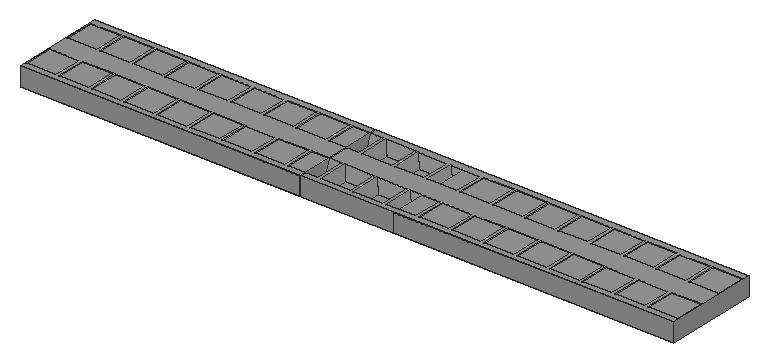
Revit family "2023779", category Lighting Fixtures, host Face, Revit 2018
Family settings
  Host = Face
  Round Connector Dimension = Use Diameter
  Part Type = Normal
  OmniClass Number = 23.80.70.00
  OmniClass Title = Lighting
  Cut with Voids When Loaded = No
  Light Source = Yes
  Shared = No
  Room Calculation Point = No
Parameters (values of type "2023779 OPTIX S 1500 2L D/I HO 4K WHT EM")
  Weight = "n/a"
  Wattage Comments = ""
  Wattage = 9.2903 W
  WarrantyStartDate [instance] = "n/a"
  WarrantyGuarantorParts = "n/a"
  WarrantyDurationUnit = "n/a"
  WarrantyDurationParts = ""
  WarrantyDescription = "http://www.sylvania-lighting.com"
  built-in parameter 1150110 = 1 (stored number, unit not read)
  Voltage = 0 V
  URL = "0.95"
  TypeName = "OPTIX SURFACE 1500 2L D/I HO 4000K WHT EM"
  Type Image = <None>
  Type Comments = "n/a"
  built-in parameter 1114217 = 1 (stored number, unit not read)
  Tilt Angle = -90.00°
  built-in parameter 1150109 = 1 (stored number, unit not read)
  built-in parameter 1150134 = 3
  built-in parameter 1150113 = 1 (stored number, unit not read)
  SerialNumber [instance] = "n/a"
  Photometric Web File = "2023779.ies"
  Material_3_SYL = none
  PowerFactor = 0
  PowerConsumption = "Lighting"
  NominalLength = 200 mm
  NominalHeight = 45 mm
  NominalDepth = 200 mm
  Name = "OPTIX SURFACE 1500 2L D/I HO 4000K WHT EM"
  ModelReference = Name  # "OPTIX SURFACE 1500 2L D/I HO 4000K WHT EM"
  ModelNumber = "2023779"
  Model = Name  # "OPTIX SURFACE 1500 2L D/I HO 4000K WHT EM"
  Material = "Feilo Sylvania"
  ManufacturerName = "159 lm/W"
  Manufacturer = ""
  LuminousEfficacy = ""
  built-in parameter 1150105 = 109.82 (stored number, unit not read)
  Lumens = 1380 lm
  LuminaireType = "0"
  built-in parameter 1150115 = 1 (stored number, unit not read)
  LightOutputRatio = "LED"
  built-in parameter 1150137 = (empty or 0)
  built-in parameter 1150139 = (empty or 0)
  LampsType = Lamp  # "n/a"
  LampNominalLuminous = "4000 K"
  LampMacAdamStep = "80"
  LampColourTemperature = "LED"
  LampColourRenderingIndex = "16500"
  built-in parameter 1150112 = 1 (stored number, unit not read)
  built-in parameter 1150114 = 1 (stored number, unit not read)
  Lamp = "n/a"
  Keynote = "n/a"
  InstallationDate [instance] = "n/a"
  InputVoltage = "0"
  InputNominalFrequency = "4000"
  built-in parameter 1150132 = (empty or 0)
  built-in parameter 1150102 = (empty or 0)
  built-in parameter 1150107 = 3200 (stored number, unit not read)
  built-in parameter 1150138 = (empty or 0)
  IngressProtection = "IfcLightFixtureType"
  ImpactProtectionIndex = "IfcLightFixtureType"
  built-in parameter 1150106 = 1.0982 (stored number, unit not read)
  IfcExportType = "IfcLightFixtureType"
  IfcExportAs = "Class I"
  Emit from Circle Diameter = 609.6 mm
  Emit Shape Visible in Rendering = no
  ElectricShockClassification = "159"
  built-in parameter 1150104 = 13.8 (stored number, unit not read)
  DocumentationLiterature = "http://www.sylvania-lighting.com/product/en-int/products/2023779"
  DimmingControlOptions = "n/a"
  Material_2_SYL = none
  Dimming Lamp Color Temperature Shift = <None>
  Description = "OPTIX SURFACE 1500x200 2 LINE D/I HO 4000K WHT EM is a high efficacy low glare luminaire for office and education applications. Direct / Indirect lighting with 80% downlight and 20% uplight ratio for ceiling suspended mounting. Size: 1410x200x45mm. White plastic low glare optics in 2 lines configuration. White RAL9016 fixture body. Constant current driver. 3hr maintained emergency version. 4000K Neutral White LED, CRI>80, chromaticity tolerance of 3-step MacAdam ellipse. Luminous flux 7000lm. Power consumption 47W. Luminaire efficacy 149lm/W. Lifespan: 60,000 hours L90B10. UGR<19, Luminance at 65°<3000 Cd/m2, IK07, IP20. Photobiological safety risk group 1. Electrical protection Class I. Glow wire test 850°C."
  Default Elevation = 1219.2 mm
  CreatedOn = "22/09/2022"
  CreatedBy = "@sylvania-lighting.com"
  Cost = 0
  Color Filter = 16777215
  built-in parameter 1114216 [instance] = (empty or 0)
  ClassificationValue = "EF_70_80"
  ClassificationName = "Uniclass2015"
  Material_1_SYL = none
  BarCode [instance] = "n/a"
  built-in parameter 1114218 = 1 (stored number, unit not read)
  built-in parameter 1150133 = 10 (stored number, unit not read)
  AssetType = "Fixed"
  AssetIdentifier [instance] = "n/a"
  Assembly Code = "D5020200"
  Apparent Load = 44 VA
  Material_4_SYL = none
Reference planes
  plane 1 "Center (Front/Back)": y = 0
  plane 2: z = 0
  plane 3 "Center (Left/Right)": x = 0
  plane 4: x = -100
  plane 5: x = 100
  plane 6: y = 100
  plane 7: y = -100
  plane 8: z = 45
  plane 9: x = -698.5
  plane 10: x = 698.5
  plane 11: x = -633
  plane 12: y = 23
  plane 13: y = -23
  plane 14: x = -563
  plane 15: x = -557
  plane 16: x = -493
  plane 17: x = -487
  plane 18: x = -423
  plane 19: x = -417
  plane 20: x = -353
  plane 21: x = -347
  plane 22: x = -283
  plane 23: x = -277
  plane 24: x = -213
  plane 25: x = -206.997
  plane 26: x = -142.997
  plane 27: x = -136.997
  plane 28: x = -72.997
  plane 29: x = -66.997
  plane 30: x = -2.997
  plane 31: x = 3.003
  plane 32: x = 67.003
  plane 33: x = 73.003
  plane 34: x = 137.003
  plane 35: x = 143.003
  plane 36: x = 207.003
  plane 37: x = 213.003
  plane 38: x = 277.003
  plane 39: x = 283.003
  plane 40: x = 347.003
  plane 41: x = 353.003
  plane 42: x = 417.003
  plane 43: x = 423.003
  plane 44: x = 487.003
  plane 45: x = 493.003
  plane 46: x = 557.003
  plane 47: x = 563.003
  plane 48: x = 627.003
  plane 49: x = 633.003
  plane 50: x = -627
  plane 51: x = 697.011
  plane 52: x = -697
  plane 53: y = -87
  plane 54: y = -55
  plane 55: y = -33.5
  plane 56: y = -76.5
  plane 57: x = -665
  plane 58: x = -643.5
  plane 59: x = -686.5
  plane 60: x = -595
  plane 61: y = -5
  plane 62: z = 52.5
Forms (mm)
  Extrusion 1, solid, material "Aluminum", detail levels medium+fine
    sketch origin (0, 0, 0) x (1, 0, 0) y (0, 1, 0)
      loop
        line (-512.5, 10) -> (-512.5, -10) -> (-487.5, -10) -> (-487.5, 10) -> (-512.5, 10)
    from 0 to 6
  Extrusion 2, solid, material "Aluminum", detail levels medium+fine
    sketch origin (0, 0, 0) x (1, 0, 0) y (0, 1, 0)
      loop
        line (486, 10) -> (486, -10) -> (511, -10) -> (511, 10) -> (486, 10)
    from 0 to 6
  Extrusion 3, solid, material "Aluminum", detail levels medium+fine
    sketch origin (0, 0, 0) x (1, 0, 0) y (0, 1, 0)
      loop
        line (-698.5, 100) -> (-698.5, -100) -> (698.5, -100) -> (698.5, 100) -> (-698.5, 100)
    from 6 to 45
  Extrusion 4, solid, material "Aluminum", detail levels medium+fine
    sketch origin (0, 0, 0) x (1, 0, 0) y (0, 1, 0)
      loop
        line (-100, 100) -> (-698.5, 100) -> (-698.5, -100) -> (-100, -100) -> (-100, 100)
    from 6 to 45
  Extrusion 5, solid, material "Aluminum", detail levels medium+fine
    sketch origin (0, 0, 0) x (1, 0, 0) y (0, 1, 0)
      loop
        line (698.5, 100) -> (100, 100) -> (100, -100) -> (698.5, -100) -> (698.5, 100)
    from 6 to 45
  Blend 6, void
    base sketch origin (0, 0, 0) x (1, 0, 0) y (0, 1, 0)
      loop
        line (-697, -23) -> (-697, -87) -> (-633, -87) -> (-633, -23) -> (-697, -23)
    top sketch origin (0, 0, 0) x (1, 0, 0) y (0, 1, 0)
      loop
        line (-686.5, -33.5) -> (-686.5, -76.5) -> (-643.5, -76.5) -> (-643.5, -33.5) -> (-686.5, -33.5)
    from 45 to 18.5
  Extrusion 7, solid, material "Glass, White, High Luminance", detail levels fine
    sketch origin (0, 0, 0) x (1, 0, 0) y (0, 1, 0)
      loop
        line (-686.5, -33.5) -> (-686.5, -76.5) -> (-643.5, -76.5) -> (-643.5, -33.5) -> (-686.5, -33.5)
    from 18.5 to 20
  Blend 8, void
    base sketch origin (70, 0, 0) x (1, 0, 0) y (0, 1, 0)
      loop
        line (-697, -23) -> (-697, -87) -> (-633, -87) -> (-633, -23) -> (-697, -23)
    top sketch origin (70, 0, 0) x (1, 0, 0) y (0, 1, 0)
      loop
        line (-686.5, -33.5) -> (-686.5, -76.5) -> (-643.5, -76.5) -> (-643.5, -33.5) -> (-686.5, -33.5)
    from 45 to 18.5
  Blend 9, void
    base sketch origin (140, 0, 0) x (1, 0, 0) y (0, 1, 0)
      loop
        line (-697, -23) -> (-697, -87) -> (-633, -87) -> (-633, -23) -> (-697, -23)
    top sketch origin (140, 0, 0) x (1, 0, 0) y (0, 1, 0)
      loop
        line (-686.5, -33.5) -> (-686.5, -76.5) -> (-643.5, -76.5) -> (-643.5, -33.5) -> (-686.5, -33.5)
    from 45 to 18.5
  Blend 10, void
    base sketch origin (210, 0, 0) x (1, 0, 0) y (0, 1, 0)
      loop
        line (-697, -23) -> (-697, -87) -> (-633, -87) -> (-633, -23) -> (-697, -23)
    top sketch origin (210, 0, 0) x (1, 0, 0) y (0, 1, 0)
      loop
        line (-686.5, -33.5) -> (-686.5, -76.5) -> (-643.5, -76.5) -> (-643.5, -33.5) -> (-686.5, -33.5)
    from 45 to 18.5
  Blend 11, void
    base sketch origin (280, 0, 0) x (1, 0, 0) y (0, 1, 0)
      loop
        line (-697, -23) -> (-697, -87) -> (-633, -87) -> (-633, -23) -> (-697, -23)
    top sketch origin (280, 0, 0) x (1, 0, 0) y (0, 1, 0)
      loop
        line (-686.5, -33.5) -> (-686.5, -76.5) -> (-643.5, -76.5) -> (-643.5, -33.5) -> (-686.5, -33.5)
    from 45 to 18.5
  Blend 12, void
    base sketch origin (350, 0, 0) x (1, 0, 0) y (0, 1, 0)
      loop
        line (-697, -23) -> (-697, -87) -> (-633, -87) -> (-633, -23) -> (-697, -23)
    top sketch origin (350, 0, 0) x (1, 0, 0) y (0, 1, 0)
      loop
        line (-686.5, -33.5) -> (-686.5, -76.5) -> (-643.5, -76.5) -> (-643.5, -33.5) -> (-686.5, -33.5)
    from 45 to 18.5
  Blend 13, void
    base sketch origin (420, 0, 0) x (1, 0, 0) y (0, 1, 0)
      loop
        line (-697, -23) -> (-697, -87) -> (-633, -87) -> (-633, -23) -> (-697, -23)
    top sketch origin (420, 0, 0) x (1, 0, 0) y (0, 1, 0)
      loop
        line (-686.5, -33.5) -> (-686.5, -76.5) -> (-643.5, -76.5) -> (-643.5, -33.5) -> (-686.5, -33.5)
    from 45 to 18.5
  Blend 14, void
    base sketch origin (490.003, 0, 0) x (1, 0, 0) y (0, 1, 0)
      loop
        line (-697, -23) -> (-697, -87) -> (-633, -87) -> (-633, -23) -> (-697, -23)
    top sketch origin (490.003, 0, 0) x (1, 0, 0) y (0, 1, 0)
      loop
        line (-686.5, -33.5) -> (-686.5, -76.5) -> (-643.5, -76.5) -> (-643.5, -33.5) -> (-686.5, -33.5)
    from 45 to 18.5
  Blend 15, void
    base sketch origin (560.003, 0, 0) x (1, 0, 0) y (0, 1, 0)
      loop
        line (-697, -23) -> (-697, -87) -> (-633, -87) -> (-633, -23) -> (-697, -23)
    top sketch origin (560.003, 0, 0) x (1, 0, 0) y (0, 1, 0)
      loop
        line (-686.5, -33.5) -> (-686.5, -76.5) -> (-643.5, -76.5) -> (-643.5, -33.5) -> (-686.5, -33.5)
    from 45 to 18.5
  Blend 16, void
    base sketch origin (630.003, 0, 0) x (1, 0, 0) y (0, 1, 0)
      loop
        line (-697, -23) -> (-697, -87) -> (-633, -87) -> (-633, -23) -> (-697, -23)
    top sketch origin (630.003, 0, 0) x (1, 0, 0) y (0, 1, 0)
      loop
        line (-686.5, -33.5) -> (-686.5, -76.5) -> (-643.5, -76.5) -> (-643.5, -33.5) -> (-686.5, -33.5)
    from 45 to 18.5
  Blend 17, void
    base sketch origin (700.003, 0, 0) x (1, 0, 0) y (0, 1, 0)
      loop
        line (-697, -23) -> (-697, -87) -> (-633, -87) -> (-633, -23) -> (-697, -23)
    top sketch origin (700.003, 0, 0) x (1, 0, 0) y (0, 1, 0)
      loop
        line (-686.5, -33.5) -> (-686.5, -76.5) -> (-643.5, -76.5) -> (-643.5, -33.5) -> (-686.5, -33.5)
    from 45 to 18.5
  Blend 18, void
    base sketch origin (770.003, 0, 0) x (1, 0, 0) y (0, 1, 0)
      loop
        line (-697, -23) -> (-697, -87) -> (-633, -87) -> (-633, -23) -> (-697, -23)
    top sketch origin (770.003, 0, 0) x (1, 0, 0) y (0, 1, 0)
      loop
        line (-686.5, -33.5) -> (-686.5, -76.5) -> (-643.5, -76.5) -> (-643.5, -33.5) -> (-686.5, -33.5)
    from 45 to 18.5
  Blend 19, void
    base sketch origin (840.003, 0, 0) x (1, 0, 0) y (0, 1, 0)
      loop
        line (-697, -23) -> (-697, -87) -> (-633, -87) -> (-633, -23) -> (-697, -23)
    top sketch origin (840.003, 0, 0) x (1, 0, 0) y (0, 1, 0)
      loop
        line (-686.5, -33.5) -> (-686.5, -76.5) -> (-643.5, -76.5) -> (-643.5, -33.5) -> (-686.5, -33.5)
    from 45 to 18.5
  Blend 20, void
    base sketch origin (910.003, 0, 0) x (1, 0, 0) y (0, 1, 0)
      loop
        line (-697, -23) -> (-697, -87) -> (-633, -87) -> (-633, -23) -> (-697, -23)
    top sketch origin (910.003, 0, 0) x (1, 0, 0) y (0, 1, 0)
      loop
        line (-686.5, -33.5) -> (-686.5, -76.5) -> (-643.5, -76.5) -> (-643.5, -33.5) -> (-686.5, -33.5)
    from 45 to 18.5
  Blend 21, void
    base sketch origin (980.003, 0, 0) x (1, 0, 0) y (0, 1, 0)
      loop
        line (-697, -23) -> (-697, -87) -> (-633, -87) -> (-633, -23) -> (-697, -23)
    top sketch origin (980.003, 0, 0) x (1, 0, 0) y (0, 1, 0)
      loop
        line (-686.5, -33.5) -> (-686.5, -76.5) -> (-643.5, -76.5) -> (-643.5, -33.5) -> (-686.5, -33.5)
    from 45 to 18.5
  Blend 22, void
    base sketch origin (1050.003, 0, 0) x (1, 0, 0) y (0, 1, 0)
      loop
        line (-697, -23) -> (-697, -87) -> (-633, -87) -> (-633, -23) -> (-697, -23)
    top sketch origin (1050.003, 0, 0) x (1, 0, 0) y (0, 1, 0)
      loop
        line (-686.5, -33.5) -> (-686.5, -76.5) -> (-643.5, -76.5) -> (-643.5, -33.5) -> (-686.5, -33.5)
    from 45 to 18.5
  Blend 23, void
    base sketch origin (1120.003, 0, 0) x (1, 0, 0) y (0, 1, 0)
      loop
        line (-697, -23) -> (-697, -87) -> (-633, -87) -> (-633, -23) -> (-697, -23)
    top sketch origin (1120.003, 0, 0) x (1, 0, 0) y (0, 1, 0)
      loop
        line (-686.5, -33.5) -> (-686.5, -76.5) -> (-643.5, -76.5) -> (-643.5, -33.5) -> (-686.5, -33.5)
    from 45 to 18.5
  Blend 24, void
    base sketch origin (1190.003, 0, 0) x (1, 0, 0) y (0, 1, 0)
      loop
        line (-697, -23) -> (-697, -87) -> (-633, -87) -> (-633, -23) -> (-697, -23)
    top sketch origin (1190.003, 0, 0) x (1, 0, 0) y (0, 1, 0)
      loop
        line (-686.5, -33.5) -> (-686.5, -76.5) -> (-643.5, -76.5) -> (-643.5, -33.5) -> (-686.5, -33.5)
    from 45 to 18.5
  Blend 25, void
    base sketch origin (1260.003, 0, 0) x (1, 0, 0) y (0, 1, 0)
      loop
        line (-697, -23) -> (-697, -87) -> (-633, -87) -> (-633, -23) -> (-697, -23)
    top sketch origin (1260.003, 0, 0) x (1, 0, 0) y (0, 1, 0)
      loop
        line (-686.5, -33.5) -> (-686.5, -76.5) -> (-643.5, -76.5) -> (-643.5, -33.5) -> (-686.5, -33.5)
    from 45 to 18.5
  Blend 26, void
    base sketch origin (1330.003, 0, 0) x (1, 0, 0) y (0, 1, 0)
      loop
        line (-697, -23) -> (-697, -87) -> (-633, -87) -> (-633, -23) -> (-697, -23)
    top sketch origin (1330.003, 0, 0) x (1, 0, 0) y (0, 1, 0)
      loop
        line (-686.5, -33.5) -> (-686.5, -76.5) -> (-643.5, -76.5) -> (-643.5, -33.5) -> (-686.5, -33.5)
    from 45 to 18.5
  Extrusion 27, solid, material "Glass, White, High Luminance", detail levels fine
    sketch origin (70, 0, 0) x (1, 0, 0) y (0, 1, 0)
      loop
        line (-686.5, -33.5) -> (-686.5, -76.5) -> (-643.5, -76.5) -> (-643.5, -33.5) -> (-686.5, -33.5)
    from 18.5 to 20
  Extrusion 28, solid, material "Glass, White, High Luminance", detail levels fine
    sketch origin (140, 0, 0) x (1, 0, 0) y (0, 1, 0)
      loop
        line (-686.5, -33.5) -> (-686.5, -76.5) -> (-643.5, -76.5) -> (-643.5, -33.5) -> (-686.5, -33.5)
    from 18.5 to 20
  Extrusion 29, solid, material "Glass, White, High Luminance", detail levels fine
    sketch origin (210, 0, 0) x (1, 0, 0) y (0, 1, 0)
      loop
        line (-686.5, -33.5) -> (-686.5, -76.5) -> (-643.5, -76.5) -> (-643.5, -33.5) -> (-686.5, -33.5)
    from 18.5 to 20
  Extrusion 30, solid, material "Glass, White, High Luminance", detail levels fine
    sketch origin (280, 0, 0) x (1, 0, 0) y (0, 1, 0)
      loop
        line (-686.5, -33.5) -> (-686.5, -76.5) -> (-643.5, -76.5) -> (-643.5, -33.5) -> (-686.5, -33.5)
    from 18.5 to 20
  Extrusion 31, solid, material "Glass, White, High Luminance", detail levels fine
    sketch origin (350, 0, 0) x (1, 0, 0) y (0, 1, 0)
      loop
        line (-686.5, -33.5) -> (-686.5, -76.5) -> (-643.5, -76.5) -> (-643.5, -33.5) -> (-686.5, -33.5)
    from 18.5 to 20
  Extrusion 32, solid, material "Glass, White, High Luminance", detail levels fine
    sketch origin (420, 0, 0) x (1, 0, 0) y (0, 1, 0)
      loop
        line (-686.5, -33.5) -> (-686.5, -76.5) -> (-643.5, -76.5) -> (-643.5, -33.5) -> (-686.5, -33.5)
    from 18.5 to 20
  Extrusion 33, solid, material "Glass, White, High Luminance", detail levels fine
    sketch origin (490.003, 0, 0) x (1, 0, 0) y (0, 1, 0)
      loop
        line (-686.5, -33.5) -> (-686.5, -76.5) -> (-643.5, -76.5) -> (-643.5, -33.5) -> (-686.5, -33.5)
    from 18.5 to 20
  Extrusion 34, solid, material "Glass, White, High Luminance", detail levels fine
    sketch origin (560.003, 0, 0) x (1, 0, 0) y (0, 1, 0)
      loop
        line (-686.5, -33.5) -> (-686.5, -76.5) -> (-643.5, -76.5) -> (-643.5, -33.5) -> (-686.5, -33.5)
    from 18.5 to 20
  Extrusion 35, solid, material "Glass, White, High Luminance", detail levels fine
    sketch origin (630.003, 0, 0) x (1, 0, 0) y (0, 1, 0)
      loop
        line (-686.5, -33.5) -> (-686.5, -76.5) -> (-643.5, -76.5) -> (-643.5, -33.5) -> (-686.5, -33.5)
    from 18.5 to 20
  Extrusion 36, solid, material "Glass, White, High Luminance", detail levels fine
    sketch origin (700.003, 0, 0) x (1, 0, 0) y (0, 1, 0)
      loop
        line (-686.5, -33.5) -> (-686.5, -76.5) -> (-643.5, -76.5) -> (-643.5, -33.5) -> (-686.5, -33.5)
    from 18.5 to 20
  Extrusion 37, solid, material "Glass, White, High Luminance", detail levels fine
    sketch origin (770.003, 0, 0) x (1, 0, 0) y (0, 1, 0)
      loop
        line (-686.5, -33.5) -> (-686.5, -76.5) -> (-643.5, -76.5) -> (-643.5, -33.5) -> (-686.5, -33.5)
    from 18.5 to 20
  Extrusion 38, solid, material "Glass, White, High Luminance", detail levels fine
    sketch origin (840.003, 0, 0) x (1, 0, 0) y (0, 1, 0)
      loop
        line (-686.5, -33.5) -> (-686.5, -76.5) -> (-643.5, -76.5) -> (-643.5, -33.5) -> (-686.5, -33.5)
    from 18.5 to 20
  Extrusion 39, solid, material "Glass, White, High Luminance", detail levels fine
    sketch origin (910.003, 0, 0) x (1, 0, 0) y (0, 1, 0)
      loop
        line (-686.5, -33.5) -> (-686.5, -76.5) -> (-643.5, -76.5) -> (-643.5, -33.5) -> (-686.5, -33.5)
    from 18.5 to 20
  Extrusion 40, solid, material "Glass, White, High Luminance", detail levels fine
    sketch origin (980.003, 0, 0) x (1, 0, 0) y (0, 1, 0)
      loop
        line (-686.5, -33.5) -> (-686.5, -76.5) -> (-643.5, -76.5) -> (-643.5, -33.5) -> (-686.5, -33.5)
    from 18.5 to 20
  Extrusion 41, solid, material "Glass, White, High Luminance", detail levels fine
    sketch origin (1050.003, 0, 0) x (1, 0, 0) y (0, 1, 0)
      loop
        line (-686.5, -33.5) -> (-686.5, -76.5) -> (-643.5, -76.5) -> (-643.5, -33.5) -> (-686.5, -33.5)
    from 18.5 to 20
  Extrusion 42, solid, material "Glass, White, High Luminance", detail levels fine
    sketch origin (1120.003, 0, 0) x (1, 0, 0) y (0, 1, 0)
      loop
        line (-686.5, -33.5) -> (-686.5, -76.5) -> (-643.5, -76.5) -> (-643.5, -33.5) -> (-686.5, -33.5)
    from 18.5 to 20
  Extrusion 43, solid, material "Glass, White, High Luminance", detail levels fine
    sketch origin (1190.003, 0, 0) x (1, 0, 0) y (0, 1, 0)
      loop
        line (-686.5, -33.5) -> (-686.5, -76.5) -> (-643.5, -76.5) -> (-643.5, -33.5) -> (-686.5, -33.5)
    from 18.5 to 20
  Extrusion 44, solid, material "Glass, White, High Luminance", detail levels fine
    sketch origin (1260.003, 0, 0) x (1, 0, 0) y (0, 1, 0)
      loop
        line (-686.5, -33.5) -> (-686.5, -76.5) -> (-643.5, -76.5) -> (-643.5, -33.5) -> (-686.5, -33.5)
    from 18.5 to 20
  Extrusion 45, solid, material "Glass, White, High Luminance", detail levels fine
    sketch origin (1330.003, 0, 0) x (1, 0, 0) y (0, 1, 0)
      loop
        line (-686.5, -33.5) -> (-686.5, -76.5) -> (-643.5, -76.5) -> (-643.5, -33.5) -> (-686.5, -33.5)
    from 18.5 to 20
  Blend 46, void
    base sketch origin (0, 110, 0) x (1, 0, 0) y (0, 1, 0)
      loop
        line (-697, -23) -> (-697, -87) -> (-633, -87) -> (-633, -23) -> (-697, -23)
    top sketch origin (0, 110, 0) x (1, 0, 0) y (0, 1, 0)
      loop
        line (-686.5, -33.5) -> (-686.5, -76.5) -> (-643.5, -76.5) -> (-643.5, -33.5) -> (-686.5, -33.5)
    from 45 to 18.5
  Blend 47, void
    base sketch origin (70, 110, 0) x (1, 0, 0) y (0, 1, 0)
      loop
        line (-697, -23) -> (-697, -87) -> (-633, -87) -> (-633, -23) -> (-697, -23)
    top sketch origin (70, 110, 0) x (1, 0, 0) y (0, 1, 0)
      loop
        line (-686.5, -33.5) -> (-686.5, -76.5) -> (-643.5, -76.5) -> (-643.5, -33.5) -> (-686.5, -33.5)
    from 45 to 18.5
  Blend 48, void
    base sketch origin (140, 110, 0) x (1, 0, 0) y (0, 1, 0)
      loop
        line (-697, -23) -> (-697, -87) -> (-633, -87) -> (-633, -23) -> (-697, -23)
    top sketch origin (140, 110, 0) x (1, 0, 0) y (0, 1, 0)
      loop
        line (-686.5, -33.5) -> (-686.5, -76.5) -> (-643.5, -76.5) -> (-643.5, -33.5) -> (-686.5, -33.5)
    from 45 to 18.5
  Blend 49, void
    base sketch origin (210, 110, 0) x (1, 0, 0) y (0, 1, 0)
      loop
        line (-697, -23) -> (-697, -87) -> (-633, -87) -> (-633, -23) -> (-697, -23)
    top sketch origin (210, 110, 0) x (1, 0, 0) y (0, 1, 0)
      loop
        line (-686.5, -33.5) -> (-686.5, -76.5) -> (-643.5, -76.5) -> (-643.5, -33.5) -> (-686.5, -33.5)
    from 45 to 18.5
  Blend 50, void
    base sketch origin (280, 110, 0) x (1, 0, 0) y (0, 1, 0)
      loop
        line (-697, -23) -> (-697, -87) -> (-633, -87) -> (-633, -23) -> (-697, -23)
    top sketch origin (280, 110, 0) x (1, 0, 0) y (0, 1, 0)
      loop
        line (-686.5, -33.5) -> (-686.5, -76.5) -> (-643.5, -76.5) -> (-643.5, -33.5) -> (-686.5, -33.5)
    from 45 to 18.5
  Blend 51, void
    base sketch origin (350, 110, 0) x (1, 0, 0) y (0, 1, 0)
      loop
        line (-697, -23) -> (-697, -87) -> (-633, -87) -> (-633, -23) -> (-697, -23)
    top sketch origin (350, 110, 0) x (1, 0, 0) y (0, 1, 0)
      loop
        line (-686.5, -33.5) -> (-686.5, -76.5) -> (-643.5, -76.5) -> (-643.5, -33.5) -> (-686.5, -33.5)
    from 45 to 18.5
  Blend 52, void
    base sketch origin (420, 110, 0) x (1, 0, 0) y (0, 1, 0)
      loop
        line (-697, -23) -> (-697, -87) -> (-633, -87) -> (-633, -23) -> (-697, -23)
    top sketch origin (420, 110, 0) x (1, 0, 0) y (0, 1, 0)
      loop
        line (-686.5, -33.5) -> (-686.5, -76.5) -> (-643.5, -76.5) -> (-643.5, -33.5) -> (-686.5, -33.5)
    from 45 to 18.5
  Blend 53, void
    base sketch origin (490.003, 110, 0) x (1, 0, 0) y (0, 1, 0)
      loop
        line (-697, -23) -> (-697, -87) -> (-633, -87) -> (-633, -23) -> (-697, -23)
    top sketch origin (490.003, 110, 0) x (1, 0, 0) y (0, 1, 0)
      loop
        line (-686.5, -33.5) -> (-686.5, -76.5) -> (-643.5, -76.5) -> (-643.5, -33.5) -> (-686.5, -33.5)
    from 45 to 18.5
  Blend 54, void
    base sketch origin (560.003, 110, 0) x (1, 0, 0) y (0, 1, 0)
      loop
        line (-697, -23) -> (-697, -87) -> (-633, -87) -> (-633, -23) -> (-697, -23)
    top sketch origin (560.003, 110, 0) x (1, 0, 0) y (0, 1, 0)
      loop
        line (-686.5, -33.5) -> (-686.5, -76.5) -> (-643.5, -76.5) -> (-643.5, -33.5) -> (-686.5, -33.5)
    from 45 to 18.5
  Blend 55, void
    base sketch origin (630.003, 110, 0) x (1, 0, 0) y (0, 1, 0)
      loop
        line (-697, -23) -> (-697, -87) -> (-633, -87) -> (-633, -23) -> (-697, -23)
    top sketch origin (630.003, 110, 0) x (1, 0, 0) y (0, 1, 0)
      loop
        line (-686.5, -33.5) -> (-686.5, -76.5) -> (-643.5, -76.5) -> (-643.5, -33.5) -> (-686.5, -33.5)
    from 45 to 18.5
  Blend 56, void
    base sketch origin (700.003, 110, 0) x (1, 0, 0) y (0, 1, 0)
      loop
        line (-697, -23) -> (-697, -87) -> (-633, -87) -> (-633, -23) -> (-697, -23)
    top sketch origin (700.003, 110, 0) x (1, 0, 0) y (0, 1, 0)
      loop
        line (-686.5, -33.5) -> (-686.5, -76.5) -> (-643.5, -76.5) -> (-643.5, -33.5) -> (-686.5, -33.5)
    from 45 to 18.5
  Blend 57, void
    base sketch origin (770.003, 110, 0) x (1, 0, 0) y (0, 1, 0)
      loop
        line (-697, -23) -> (-697, -87) -> (-633, -87) -> (-633, -23) -> (-697, -23)
    top sketch origin (770.003, 110, 0) x (1, 0, 0) y (0, 1, 0)
      loop
        line (-686.5, -33.5) -> (-686.5, -76.5) -> (-643.5, -76.5) -> (-643.5, -33.5) -> (-686.5, -33.5)
    from 45 to 18.5
  Blend 58, void
    base sketch origin (840.003, 110, 0) x (1, 0, 0) y (0, 1, 0)
      loop
        line (-697, -23) -> (-697, -87) -> (-633, -87) -> (-633, -23) -> (-697, -23)
    top sketch origin (840.003, 110, 0) x (1, 0, 0) y (0, 1, 0)
      loop
        line (-686.5, -33.5) -> (-686.5, -76.5) -> (-643.5, -76.5) -> (-643.5, -33.5) -> (-686.5, -33.5)
    from 45 to 18.5
  Blend 59, void
    base sketch origin (910.003, 110, 0) x (1, 0, 0) y (0, 1, 0)
      loop
        line (-697, -23) -> (-697, -87) -> (-633, -87) -> (-633, -23) -> (-697, -23)
    top sketch origin (910.003, 110, 0) x (1, 0, 0) y (0, 1, 0)
      loop
        line (-686.5, -33.5) -> (-686.5, -76.5) -> (-643.5, -76.5) -> (-643.5, -33.5) -> (-686.5, -33.5)
    from 45 to 18.5
  Blend 60, void
    base sketch origin (980.003, 110, 0) x (1, 0, 0) y (0, 1, 0)
      loop
        line (-697, -23) -> (-697, -87) -> (-633, -87) -> (-633, -23) -> (-697, -23)
    top sketch origin (980.003, 110, 0) x (1, 0, 0) y (0, 1, 0)
      loop
        line (-686.5, -33.5) -> (-686.5, -76.5) -> (-643.5, -76.5) -> (-643.5, -33.5) -> (-686.5, -33.5)
    from 45 to 18.5
  Blend 61, void
    base sketch origin (1050.003, 110, 0) x (1, 0, 0) y (0, 1, 0)
      loop
        line (-697, -23) -> (-697, -87) -> (-633, -87) -> (-633, -23) -> (-697, -23)
    top sketch origin (1050.003, 110, 0) x (1, 0, 0) y (0, 1, 0)
      loop
        line (-686.5, -33.5) -> (-686.5, -76.5) -> (-643.5, -76.5) -> (-643.5, -33.5) -> (-686.5, -33.5)
    from 45 to 18.5
  Blend 62, void
    base sketch origin (1120.003, 110, 0) x (1, 0, 0) y (0, 1, 0)
      loop
        line (-697, -23) -> (-697, -87) -> (-633, -87) -> (-633, -23) -> (-697, -23)
    top sketch origin (1120.003, 110, 0) x (1, 0, 0) y (0, 1, 0)
      loop
        line (-686.5, -33.5) -> (-686.5, -76.5) -> (-643.5, -76.5) -> (-643.5, -33.5) -> (-686.5, -33.5)
    from 45 to 18.5
  Blend 63, void
    base sketch origin (1190.003, 110, 0) x (1, 0, 0) y (0, 1, 0)
      loop
        line (-697, -23) -> (-697, -87) -> (-633, -87) -> (-633, -23) -> (-697, -23)
    top sketch origin (1190.003, 110, 0) x (1, 0, 0) y (0, 1, 0)
      loop
        line (-686.5, -33.5) -> (-686.5, -76.5) -> (-643.5, -76.5) -> (-643.5, -33.5) -> (-686.5, -33.5)
    from 45 to 18.5
  Blend 64, void
    base sketch origin (1260.003, 110, 0) x (1, 0, 0) y (0, 1, 0)
      loop
        line (-697, -23) -> (-697, -87) -> (-633, -87) -> (-633, -23) -> (-697, -23)
    top sketch origin (1260.003, 110, 0) x (1, 0, 0) y (0, 1, 0)
      loop
        line (-686.5, -33.5) -> (-686.5, -76.5) -> (-643.5, -76.5) -> (-643.5, -33.5) -> (-686.5, -33.5)
    from 45 to 18.5
  Blend 65, void
    base sketch origin (1330.003, 110, 0) x (1, 0, 0) y (0, 1, 0)
      loop
        line (-697, -23) -> (-697, -87) -> (-633, -87) -> (-633, -23) -> (-697, -23)
    top sketch origin (1330.003, 110, 0) x (1, 0, 0) y (0, 1, 0)
      loop
        line (-686.5, -33.5) -> (-686.5, -76.5) -> (-643.5, -76.5) -> (-643.5, -33.5) -> (-686.5, -33.5)
    from 45 to 18.5
  Extrusion 66, solid, material "Glass, White, High Luminance", detail levels fine
    sketch origin (0, 110, 0) x (1, 0, 0) y (0, 1, 0)
      loop
        line (-686.5, -33.5) -> (-686.5, -76.5) -> (-643.5, -76.5) -> (-643.5, -33.5) -> (-686.5, -33.5)
    from 18.5 to 20
  Extrusion 67, solid, material "Glass, White, High Luminance", detail levels fine
    sketch origin (70, 110, 0) x (1, 0, 0) y (0, 1, 0)
      loop
        line (-686.5, -33.5) -> (-686.5, -76.5) -> (-643.5, -76.5) -> (-643.5, -33.5) -> (-686.5, -33.5)
    from 18.5 to 20
  Extrusion 68, solid, material "Glass, White, High Luminance", detail levels fine
    sketch origin (140, 110, 0) x (1, 0, 0) y (0, 1, 0)
      loop
        line (-686.5, -33.5) -> (-686.5, -76.5) -> (-643.5, -76.5) -> (-643.5, -33.5) -> (-686.5, -33.5)
    from 18.5 to 20
  Extrusion 69, solid, material "Glass, White, High Luminance", detail levels fine
    sketch origin (210, 110, 0) x (1, 0, 0) y (0, 1, 0)
      loop
        line (-686.5, -33.5) -> (-686.5, -76.5) -> (-643.5, -76.5) -> (-643.5, -33.5) -> (-686.5, -33.5)
    from 18.5 to 20
  Extrusion 70, solid, material "Glass, White, High Luminance", detail levels fine
    sketch origin (280, 110, 0) x (1, 0, 0) y (0, 1, 0)
      loop
        line (-686.5, -33.5) -> (-686.5, -76.5) -> (-643.5, -76.5) -> (-643.5, -33.5) -> (-686.5, -33.5)
    from 18.5 to 20
  Extrusion 71, solid, material "Glass, White, High Luminance", detail levels fine
    sketch origin (350, 110, 0) x (1, 0, 0) y (0, 1, 0)
      loop
        line (-686.5, -33.5) -> (-686.5, -76.5) -> (-643.5, -76.5) -> (-643.5, -33.5) -> (-686.5, -33.5)
    from 18.5 to 20
  Extrusion 72, solid, material "Glass, White, High Luminance", detail levels fine
    sketch origin (420, 110, 0) x (1, 0, 0) y (0, 1, 0)
      loop
        line (-686.5, -33.5) -> (-686.5, -76.5) -> (-643.5, -76.5) -> (-643.5, -33.5) -> (-686.5, -33.5)
    from 18.5 to 20
  Extrusion 73, solid, material "Glass, White, High Luminance", detail levels fine
    sketch origin (700.003, 110, 0) x (1, 0, 0) y (0, 1, 0)
      loop
        line (-686.5, -33.5) -> (-686.5, -76.5) -> (-643.5, -76.5) -> (-643.5, -33.5) -> (-686.5, -33.5)
    from 18.5 to 20
  Extrusion 74, solid, material "Glass, White, High Luminance", detail levels fine
    sketch origin (770.003, 110, 0) x (1, 0, 0) y (0, 1, 0)
      loop
        line (-686.5, -33.5) -> (-686.5, -76.5) -> (-643.5, -76.5) -> (-643.5, -33.5) -> (-686.5, -33.5)
    from 18.5 to 20
  Extrusion 75, solid, material "Glass, White, High Luminance", detail levels fine
    sketch origin (840.003, 110, 0) x (1, 0, 0) y (0, 1, 0)
      loop
        line (-686.5, -33.5) -> (-686.5, -76.5) -> (-643.5, -76.5) -> (-643.5, -33.5) -> (-686.5, -33.5)
    from 18.5 to 20
  Extrusion 76, solid, material "Glass, White, High Luminance", detail levels fine
    sketch origin (910.003, 110, 0) x (1, 0, 0) y (0, 1, 0)
      loop
        line (-686.5, -33.5) -> (-686.5, -76.5) -> (-643.5, -76.5) -> (-643.5, -33.5) -> (-686.5, -33.5)
    from 18.5 to 20
  Extrusion 77, solid, material "Glass, White, High Luminance", detail levels fine
    sketch origin (980.003, 110, 0) x (1, 0, 0) y (0, 1, 0)
      loop
        line (-686.5, -33.5) -> (-686.5, -76.5) -> (-643.5, -76.5) -> (-643.5, -33.5) -> (-686.5, -33.5)
    from 18.5 to 20
  Extrusion 78, solid, material "Glass, White, High Luminance", detail levels fine
    sketch origin (1050.003, 110, 0) x (1, 0, 0) y (0, 1, 0)
      loop
        line (-686.5, -33.5) -> (-686.5, -76.5) -> (-643.5, -76.5) -> (-643.5, -33.5) -> (-686.5, -33.5)
    from 18.5 to 20
  Extrusion 79, solid, material "Glass, White, High Luminance", detail levels fine
    sketch origin (1120.003, 110, 0) x (1, 0, 0) y (0, 1, 0)
      loop
        line (-686.5, -33.5) -> (-686.5, -76.5) -> (-643.5, -76.5) -> (-643.5, -33.5) -> (-686.5, -33.5)
    from 18.5 to 20
  Extrusion 80, solid, material "Glass, White, High Luminance", detail levels fine
    sketch origin (1190.003, 110, 0) x (1, 0, 0) y (0, 1, 0)
      loop
        line (-686.5, -33.5) -> (-686.5, -76.5) -> (-643.5, -76.5) -> (-643.5, -33.5) -> (-686.5, -33.5)
    from 18.5 to 20
  Extrusion 81, solid, material "Glass, White, High Luminance", detail levels fine
    sketch origin (1260.003, 110, 0) x (1, 0, 0) y (0, 1, 0)
      loop
        line (-686.5, -33.5) -> (-686.5, -76.5) -> (-643.5, -76.5) -> (-643.5, -33.5) -> (-686.5, -33.5)
    from 18.5 to 20
  Extrusion 82, solid, material "Glass, White, High Luminance", detail levels fine
    sketch origin (1330.003, 110, 0) x (1, 0, 0) y (0, 1, 0)
      loop
        line (-686.5, -33.5) -> (-686.5, -76.5) -> (-643.5, -76.5) -> (-643.5, -33.5) -> (-686.5, -33.5)
    from 18.5 to 20
  Extrusion 83, solid, material "Glass, White, High Luminance", detail levels fine
    sketch origin (490.003, 110, 0) x (1, 0, 0) y (0, 1, 0)
      loop
        line (-686.5, -33.5) -> (-686.5, -76.5) -> (-643.5, -76.5) -> (-643.5, -33.5) -> (-686.5, -33.5)
    from 18.5 to 20
  Extrusion 84, solid, material "Glass, White, High Luminance", detail levels fine
    sketch origin (560.003, 110, 0) x (1, 0, 0) y (0, 1, 0)
      loop
        line (-686.5, -33.5) -> (-686.5, -76.5) -> (-643.5, -76.5) -> (-643.5, -33.5) -> (-686.5, -33.5)
    from 18.5 to 20
  Extrusion 85, solid, material "Glass, White, High Luminance", detail levels fine
    sketch origin (630.003, 110, 0) x (1, 0, 0) y (0, 1, 0)
      loop
        line (-686.5, -33.5) -> (-686.5, -76.5) -> (-643.5, -76.5) -> (-643.5, -33.5) -> (-686.5, -33.5)
    from 18.5 to 20
  Extrusion 86, solid, detail levels coarse
    sketch origin (0, 0, 0) x (1, 0, 0) y (0, 1, 0)
      loop
        line (-100, 100) -> (-100, -100) -> (100, -100) -> (100, 100) -> (-100, 100)
    from 0 to 45
Cuts and joins
  Blend 6, Blend 8, Blend 9, Blend 10, Blend 11, Blend 12, Blend 13, Blend 14, Blend 15, Blend 16, Blend 17, Blend 18, Blend 19, Blend 20, Blend 21, Blend 22, Blend 23, Blend 24, Blend 25, Blend 26, Blend 46, Blend 47, Blend 48, Blend 49, Blend 50, Blend 51, Blend 52, Blend 53, Blend 54, Blend 55, Blend 56, Blend 57, Blend 58, Blend 59, Blend 60, Blend 61, Blend 62, Blend 63, Blend 64, Blend 65 cuts Extrusion 3
  Blend 8, Blend 46 cuts Extrusion 7
  Blend 47 cuts Extrusion 27
  Blend 48 cuts Extrusion 28
  Blend 49 cuts Extrusion 29
  Blend 50 cuts Extrusion 30
  Blend 51 cuts Extrusion 31
  Blend 52 cuts Extrusion 32
  Blend 53 cuts Extrusion 33
  Blend 54 cuts Extrusion 34
  Blend 55 cuts Extrusion 35
  Blend 56 cuts Extrusion 36
  Blend 57 cuts Extrusion 37
  Blend 58 cuts Extrusion 38
  Blend 59 cuts Extrusion 39
  Blend 60 cuts Extrusion 40
  Blend 61 cuts Extrusion 41
  Blend 62 cuts Extrusion 42
  Blend 63 cuts Extrusion 43
  Blend 64 cuts Extrusion 44
  Blend 65 cuts Extrusion 45
Dimensions and locks
  "NominalLength": plane 4 to plane 5
  equal spacing: plane 4, plane 3 "Center (Left/Right)", plane 5
  "NominalDepth": plane 6 to plane 7
  equal spacing: plane 6, plane 1 "Center (Front/Back)", plane 7
  "NominalHeight": plane 8 to level
  aligned and locked: plane 2 to host face
  aligned and locked: level to host face
Automatic sketch dimensions
  host sketch curve to host sketch curve = 2438.4 mm  (x2)
  Extrusion 1 sketch curve to plane 16 = 19.5 mm
  Extrusion 1 sketch curve to plane 17 = 0.5 mm
  plane 1 "Center (Front/Back)" to Extrusion 1 sketch curve = 10 mm
  Extrusion 1 sketch curve to plane 1 "Center (Front/Back)" = 10 mm
  Extrusion 2 sketch curve to plane 44 = 1.003 mm
  plane 45 to Extrusion 2 sketch curve = 17.997 mm
  plane 1 "Center (Front/Back)" to Extrusion 2 sketch curve = 10 mm
  Extrusion 2 sketch curve to plane 1 "Center (Front/Back)" = 10 mm
  Extrusion 3 sketch curve to plane 7 = 0 mm
  Extrusion 3 sketch curve to plane 9 = 0 mm
  Extrusion 3 sketch curve to plane 10 = 0 mm
  Extrusion 3 sketch curve to plane 6 = 0 mm
  Extrusion 4 sketch curve to plane 4 = 0 mm
  Extrusion 4 sketch curve to plane 7 = 0 mm
  Extrusion 4 sketch curve to plane 9 = 0 mm
  Extrusion 4 sketch curve to plane 6 = 0 mm
  Extrusion 5 sketch curve to plane 7 = 0 mm
  Extrusion 5 sketch curve to plane 10 = 0 mm
  Extrusion 5 sketch curve to plane 5 = 0 mm
  Extrusion 5 sketch curve to plane 6 = 0 mm
  Blend 6 sketch curve to plane 52 = 0 mm
  Blend 6 sketch curve to plane 11 = 0 mm
  Blend 6 sketch curve to plane 53 = 0 mm
  Blend 6 sketch curve to plane 13 = 0 mm
  Blend 6 sketch curve to plane 56 = 0 mm
  Blend 6 sketch curve to plane 59 = 0 mm
  Blend 6 sketch curve to plane 58 = 0 mm
  Blend 6 sketch curve to plane 55 = 0 mm
  Extrusion 7 sketch curve to plane 56 = 0 mm
  Extrusion 7 sketch curve to plane 59 = 0 mm
  Extrusion 7 sketch curve to plane 58 = 0 mm
  Extrusion 7 sketch curve to plane 55 = 0 mm
  Blend 8 sketch curve to plane 50 = 0 mm
  Blend 8 sketch curve to plane 14 = 0 mm
  Blend 8 sketch curve to plane 53 = 0 mm
  Blend 8 sketch curve to plane 13 = 0 mm
  Blend 8 sketch curve to plane 56 = 0 mm
  Blend 8 sketch curve to plane 55 = 0 mm
  plane 50 to Blend 8 sketch curve = 10.5 mm
  Blend 8 sketch curve to plane 14 = 10.5 mm
  Blend 9 sketch curve to plane 15 = 0 mm
  Blend 9 sketch curve to plane 16 = 0 mm
  plane 53 to Blend 9 sketch curve = 0 mm
  Blend 9 sketch curve to plane 13 = 0 mm
  plane 56 to Blend 9 sketch curve = 0 mm
  plane 55 to Blend 9 sketch curve = 0 mm
  plane 15 to Blend 9 sketch curve = 10.5 mm
  Blend 9 sketch curve to plane 16 = 10.5 mm
  Blend 10 sketch curve to plane 17 = 0 mm
  Blend 10 sketch curve to plane 18 = 0 mm
  plane 53 to Blend 10 sketch curve = 0 mm
  Blend 10 sketch curve to plane 13 = 0 mm
  plane 56 to Blend 10 sketch curve = 0 mm
  plane 55 to Blend 10 sketch curve = 0 mm
  plane 17 to Blend 10 sketch curve = 10.5 mm
  Blend 10 sketch curve to plane 18 = 10.5 mm
  Blend 11 sketch curve to plane 19 = 0 mm
  Blend 11 sketch curve to plane 20 = 0 mm
  plane 53 to Blend 11 sketch curve = 0 mm
  Blend 11 sketch curve to plane 13 = 0 mm
  plane 56 to Blend 11 sketch curve = 0 mm
  plane 55 to Blend 11 sketch curve = 0 mm
  plane 19 to Blend 11 sketch curve = 10.5 mm
  Blend 11 sketch curve to plane 20 = 10.5 mm
  Blend 12 sketch curve to plane 21 = 0 mm
  Blend 12 sketch curve to plane 22 = 0 mm
  plane 53 to Blend 12 sketch curve = 0 mm
  Blend 12 sketch curve to plane 13 = 0 mm
  plane 56 to Blend 12 sketch curve = 0 mm
  plane 55 to Blend 12 sketch curve = 0 mm
  plane 21 to Blend 12 sketch curve = 10.5 mm
  Blend 12 sketch curve to plane 22 = 10.5 mm
  Blend 13 sketch curve to plane 23 = 0 mm
  Blend 13 sketch curve to plane 24 = 0 mm
  plane 53 to Blend 13 sketch curve = 0 mm
  Blend 13 sketch curve to plane 13 = 0 mm
  plane 56 to Blend 13 sketch curve = 0 mm
  plane 55 to Blend 13 sketch curve = 0 mm
  plane 23 to Blend 13 sketch curve = 10.5 mm
  Blend 13 sketch curve to plane 24 = 10.5 mm
  Blend 14 sketch curve to plane 25 = 0 mm
  Blend 14 sketch curve to plane 26 = 0 mm
  plane 53 to Blend 14 sketch curve = 0 mm
  Blend 14 sketch curve to plane 13 = 0 mm
  plane 56 to Blend 14 sketch curve = 0 mm
  plane 55 to Blend 14 sketch curve = 0 mm
  plane 25 to Blend 14 sketch curve = 10.5 mm
  Blend 14 sketch curve to plane 26 = 10.5 mm
  Blend 15 sketch curve to plane 27 = 0 mm
  Blend 15 sketch curve to plane 28 = 0 mm
  plane 53 to Blend 15 sketch curve = 0 mm
  Blend 15 sketch curve to plane 13 = 0 mm
  plane 56 to Blend 15 sketch curve = 0 mm
  plane 55 to Blend 15 sketch curve = 0 mm
  plane 27 to Blend 15 sketch curve = 10.5 mm
  Blend 15 sketch curve to plane 28 = 10.5 mm
  Blend 16 sketch curve to plane 29 = 0 mm
  Blend 16 sketch curve to plane 30 = 0 mm
  plane 53 to Blend 16 sketch curve = 0 mm
  Blend 16 sketch curve to plane 13 = 0 mm
  plane 56 to Blend 16 sketch curve = 0 mm
  plane 55 to Blend 16 sketch curve = 0 mm
  plane 29 to Blend 16 sketch curve = 10.5 mm
  Blend 16 sketch curve to plane 30 = 10.5 mm
  Blend 17 sketch curve to plane 31 = 0 mm
  Blend 17 sketch curve to plane 32 = 0 mm
  plane 53 to Blend 17 sketch curve = 0 mm
  Blend 17 sketch curve to plane 13 = 0 mm
  plane 56 to Blend 17 sketch curve = 0 mm
  plane 55 to Blend 17 sketch curve = 0 mm
  plane 31 to Blend 17 sketch curve = 10.5 mm
  Blend 17 sketch curve to plane 32 = 10.5 mm
  Blend 18 sketch curve to plane 33 = 0 mm
  Blend 18 sketch curve to plane 34 = 0 mm
  plane 53 to Blend 18 sketch curve = 0 mm
  Blend 18 sketch curve to plane 13 = 0 mm
  plane 56 to Blend 18 sketch curve = 0 mm
  plane 55 to Blend 18 sketch curve = 0 mm
  plane 33 to Blend 18 sketch curve = 10.5 mm
  Blend 18 sketch curve to plane 34 = 10.5 mm
  Blend 19 sketch curve to plane 35 = 0 mm
  Blend 19 sketch curve to plane 36 = 0 mm
  plane 53 to Blend 19 sketch curve = 0 mm
  Blend 19 sketch curve to plane 13 = 0 mm
  plane 56 to Blend 19 sketch curve = 0 mm
  plane 55 to Blend 19 sketch curve = 0 mm
  plane 35 to Blend 19 sketch curve = 10.5 mm
  Blend 19 sketch curve to plane 36 = 10.5 mm
  Blend 20 sketch curve to plane 37 = 0 mm
  Blend 20 sketch curve to plane 38 = 0 mm
  plane 53 to Blend 20 sketch curve = 0 mm
  Blend 20 sketch curve to plane 13 = 0 mm
  plane 56 to Blend 20 sketch curve = 0 mm
  plane 55 to Blend 20 sketch curve = 0 mm
  plane 37 to Blend 20 sketch curve = 10.5 mm
  Blend 20 sketch curve to plane 38 = 10.5 mm
  Blend 21 sketch curve to plane 39 = 0 mm
  Blend 21 sketch curve to plane 40 = 0 mm
  plane 53 to Blend 21 sketch curve = 0 mm
  Blend 21 sketch curve to plane 13 = 0 mm
  plane 56 to Blend 21 sketch curve = 0 mm
  plane 55 to Blend 21 sketch curve = 0 mm
  plane 39 to Blend 21 sketch curve = 10.5 mm
  Blend 21 sketch curve to plane 40 = 10.5 mm
  Blend 22 sketch curve to plane 41 = 0 mm
  Blend 22 sketch curve to plane 42 = 0 mm
  plane 53 to Blend 22 sketch curve = 0 mm
  Blend 22 sketch curve to plane 13 = 0 mm
  plane 56 to Blend 22 sketch curve = 0 mm
  plane 55 to Blend 22 sketch curve = 0 mm
  plane 41 to Blend 22 sketch curve = 10.5 mm
  Blend 22 sketch curve to plane 42 = 10.5 mm
  Blend 23 sketch curve to plane 43 = 0 mm
  Blend 23 sketch curve to plane 44 = 0 mm
  plane 53 to Blend 23 sketch curve = 0 mm
  Blend 23 sketch curve to plane 13 = 0 mm
  plane 56 to Blend 23 sketch curve = 0 mm
  plane 55 to Blend 23 sketch curve = 0 mm
  plane 43 to Blend 23 sketch curve = 10.5 mm
  Blend 23 sketch curve to plane 44 = 10.5 mm
  Blend 24 sketch curve to plane 45 = 0 mm
  Blend 24 sketch curve to plane 46 = 0 mm
  plane 53 to Blend 24 sketch curve = 0 mm
  Blend 24 sketch curve to plane 13 = 0 mm
  plane 56 to Blend 24 sketch curve = 0 mm
  plane 55 to Blend 24 sketch curve = 0 mm
  plane 45 to Blend 24 sketch curve = 10.5 mm
  Blend 24 sketch curve to plane 46 = 10.5 mm
  Blend 25 sketch curve to plane 47 = 0 mm
  Blend 25 sketch curve to plane 48 = 0 mm
  plane 53 to Blend 25 sketch curve = 0 mm
  Blend 25 sketch curve to plane 13 = 0 mm
  plane 56 to Blend 25 sketch curve = 0 mm
  plane 55 to Blend 25 sketch curve = 0 mm
  plane 47 to Blend 25 sketch curve = 10.5 mm
  Blend 25 sketch curve to plane 48 = 10.5 mm
  Blend 26 sketch curve to plane 49 = 0 mm
  plane 53 to Blend 26 sketch curve = 0 mm
  Blend 26 sketch curve to plane 13 = 0 mm
  Blend 26 sketch curve to plane 51 = 0.009 mm
  plane 56 to Blend 26 sketch curve = 0 mm
  plane 55 to Blend 26 sketch curve = 0 mm
  plane 49 to Blend 26 sketch curve = 10.5 mm
  Blend 26 sketch curve to plane 51 = 10.509 mm
  Extrusion 27 sketch curve to plane 56 = 0 mm
  Extrusion 27 sketch curve to plane 55 = 0 mm
  plane 50 to Extrusion 27 sketch curve = 10.5 mm
  Extrusion 27 sketch curve to plane 14 = 10.5 mm
  plane 56 to Extrusion 28 sketch curve = 0 mm
  plane 55 to Extrusion 28 sketch curve = 0 mm
  plane 15 to Extrusion 28 sketch curve = 10.5 mm
  Extrusion 28 sketch curve to plane 16 = 10.5 mm
  plane 56 to Extrusion 29 sketch curve = 0 mm
  plane 55 to Extrusion 29 sketch curve = 0 mm
  plane 17 to Extrusion 29 sketch curve = 10.5 mm
  Extrusion 29 sketch curve to plane 18 = 10.5 mm
  plane 56 to Extrusion 30 sketch curve = 0 mm
  plane 55 to Extrusion 30 sketch curve = 0 mm
  plane 19 to Extrusion 30 sketch curve = 10.5 mm
  Extrusion 30 sketch curve to plane 20 = 10.5 mm
  plane 56 to Extrusion 31 sketch curve = 0 mm
  plane 55 to Extrusion 31 sketch curve = 0 mm
  plane 21 to Extrusion 31 sketch curve = 10.5 mm
  Extrusion 31 sketch curve to plane 22 = 10.5 mm
  plane 56 to Extrusion 32 sketch curve = 0 mm
  plane 55 to Extrusion 32 sketch curve = 0 mm
  plane 23 to Extrusion 32 sketch curve = 10.5 mm
  Extrusion 32 sketch curve to plane 24 = 10.5 mm
  plane 56 to Extrusion 33 sketch curve = 0 mm
  plane 55 to Extrusion 33 sketch curve = 0 mm
  plane 25 to Extrusion 33 sketch curve = 10.5 mm
  Extrusion 33 sketch curve to plane 26 = 10.5 mm
  plane 56 to Extrusion 34 sketch curve = 0 mm
  plane 55 to Extrusion 34 sketch curve = 0 mm
  plane 27 to Extrusion 34 sketch curve = 10.5 mm
  Extrusion 34 sketch curve to plane 28 = 10.5 mm
  plane 56 to Extrusion 35 sketch curve = 0 mm
  plane 55 to Extrusion 35 sketch curve = 0 mm
  plane 29 to Extrusion 35 sketch curve = 10.5 mm
  Extrusion 35 sketch curve to plane 30 = 10.5 mm
  plane 56 to Extrusion 36 sketch curve = 0 mm
  plane 55 to Extrusion 36 sketch curve = 0 mm
  plane 31 to Extrusion 36 sketch curve = 10.5 mm
  Extrusion 36 sketch curve to plane 32 = 10.5 mm
  plane 56 to Extrusion 37 sketch curve = 0 mm
  plane 55 to Extrusion 37 sketch curve = 0 mm
  plane 33 to Extrusion 37 sketch curve = 10.5 mm
  Extrusion 37 sketch curve to plane 34 = 10.5 mm
  plane 56 to Extrusion 38 sketch curve = 0 mm
  plane 55 to Extrusion 38 sketch curve = 0 mm
  plane 35 to Extrusion 38 sketch curve = 10.5 mm
  Extrusion 38 sketch curve to plane 36 = 10.5 mm
  plane 56 to Extrusion 39 sketch curve = 0 mm
  plane 55 to Extrusion 39 sketch curve = 0 mm
  plane 37 to Extrusion 39 sketch curve = 10.5 mm
  Extrusion 39 sketch curve to plane 38 = 10.5 mm
  plane 56 to Extrusion 40 sketch curve = 0 mm
  plane 55 to Extrusion 40 sketch curve = 0 mm
  plane 39 to Extrusion 40 sketch curve = 10.5 mm
  Extrusion 40 sketch curve to plane 40 = 10.5 mm
  plane 56 to Extrusion 41 sketch curve = 0 mm
  plane 55 to Extrusion 41 sketch curve = 0 mm
  plane 41 to Extrusion 41 sketch curve = 10.5 mm
  Extrusion 41 sketch curve to plane 42 = 10.5 mm
  plane 56 to Extrusion 42 sketch curve = 0 mm
  plane 55 to Extrusion 42 sketch curve = 0 mm
  plane 43 to Extrusion 42 sketch curve = 10.5 mm
  Extrusion 42 sketch curve to plane 44 = 10.5 mm
  plane 56 to Extrusion 43 sketch curve = 0 mm
  plane 55 to Extrusion 43 sketch curve = 0 mm
  plane 45 to Extrusion 43 sketch curve = 10.5 mm
  Extrusion 43 sketch curve to plane 46 = 10.5 mm
  plane 56 to Extrusion 44 sketch curve = 0 mm
  plane 55 to Extrusion 44 sketch curve = 0 mm
  plane 47 to Extrusion 44 sketch curve = 10.5 mm
  Extrusion 44 sketch curve to plane 48 = 10.5 mm
  plane 56 to Extrusion 45 sketch curve = 0 mm
  plane 55 to Extrusion 45 sketch curve = 0 mm
  plane 49 to Extrusion 45 sketch curve = 10.5 mm
  Extrusion 45 sketch curve to plane 51 = 10.509 mm
  Blend 46 sketch curve to plane 12 = 0 mm
  Blend 46 sketch curve to plane 52 = 0 mm
  Blend 46 sketch curve to plane 11 = 0 mm
  Blend 46 sketch curve to plane 6 = 13 mm
  Blend 46 sketch curve to plane 59 = 0 mm
  Blend 46 sketch curve to plane 58 = 0 mm
  plane 12 to Blend 46 sketch curve = 10.5 mm
  Blend 46 sketch curve to plane 6 = 23.5 mm
  Blend 47 sketch curve to plane 12 = 0 mm
  Blend 47 sketch curve to plane 50 = 0 mm
  Blend 47 sketch curve to plane 14 = 0 mm
  Blend 47 sketch curve to plane 6 = 13 mm
  plane 50 to Blend 47 sketch curve = 10.5 mm
  Blend 47 sketch curve to plane 14 = 10.5 mm
  plane 12 to Blend 47 sketch curve = 10.5 mm
  Blend 47 sketch curve to plane 6 = 23.5 mm
  Blend 48 sketch curve to plane 12 = 0 mm
  Blend 48 sketch curve to plane 15 = 0 mm
  Blend 48 sketch curve to plane 16 = 0 mm
  Blend 48 sketch curve to plane 6 = 13 mm
  plane 15 to Blend 48 sketch curve = 10.5 mm
  Blend 48 sketch curve to plane 16 = 10.5 mm
  plane 12 to Blend 48 sketch curve = 10.5 mm
  Blend 48 sketch curve to plane 6 = 23.5 mm
  Blend 49 sketch curve to plane 12 = 0 mm
  Blend 49 sketch curve to plane 17 = 0 mm
  Blend 49 sketch curve to plane 18 = 0 mm
  Blend 49 sketch curve to plane 6 = 13 mm
  plane 17 to Blend 49 sketch curve = 10.5 mm
  Blend 49 sketch curve to plane 18 = 10.5 mm
  plane 12 to Blend 49 sketch curve = 10.5 mm
  Blend 49 sketch curve to plane 6 = 23.5 mm
  Blend 50 sketch curve to plane 12 = 0 mm
  Blend 50 sketch curve to plane 19 = 0 mm
  Blend 50 sketch curve to plane 20 = 0 mm
  Blend 50 sketch curve to plane 6 = 13 mm
  plane 19 to Blend 50 sketch curve = 10.5 mm
  Blend 50 sketch curve to plane 20 = 10.5 mm
  plane 12 to Blend 50 sketch curve = 10.5 mm
  Blend 50 sketch curve to plane 6 = 23.5 mm
  Blend 51 sketch curve to plane 12 = 0 mm
  Blend 51 sketch curve to plane 21 = 0 mm
  Blend 51 sketch curve to plane 22 = 0 mm
  Blend 51 sketch curve to plane 6 = 13 mm
  plane 21 to Blend 51 sketch curve = 10.5 mm
  Blend 51 sketch curve to plane 22 = 10.5 mm
  plane 12 to Blend 51 sketch curve = 10.5 mm
  Blend 51 sketch curve to plane 6 = 23.5 mm
  Blend 52 sketch curve to plane 12 = 0 mm
  Blend 52 sketch curve to plane 23 = 0 mm
  Blend 52 sketch curve to plane 24 = 0 mm
  Blend 52 sketch curve to plane 6 = 13 mm
  plane 23 to Blend 52 sketch curve = 10.5 mm
  Blend 52 sketch curve to plane 24 = 10.5 mm
  plane 12 to Blend 52 sketch curve = 10.5 mm
  Blend 52 sketch curve to plane 6 = 23.5 mm
  Blend 53 sketch curve to plane 12 = 0 mm
  Blend 53 sketch curve to plane 25 = 0 mm
  Blend 53 sketch curve to plane 26 = 0 mm
  Blend 53 sketch curve to plane 6 = 13 mm
  plane 25 to Blend 53 sketch curve = 10.5 mm
  Blend 53 sketch curve to plane 26 = 10.5 mm
  plane 12 to Blend 53 sketch curve = 10.5 mm
  Blend 53 sketch curve to plane 6 = 23.5 mm
  Blend 54 sketch curve to plane 12 = 0 mm
  Blend 54 sketch curve to plane 27 = 0 mm
  Blend 54 sketch curve to plane 28 = 0 mm
  Blend 54 sketch curve to plane 6 = 13 mm
  plane 27 to Blend 54 sketch curve = 10.5 mm
  Blend 54 sketch curve to plane 28 = 10.5 mm
  plane 12 to Blend 54 sketch curve = 10.5 mm
  Blend 54 sketch curve to plane 6 = 23.5 mm
  Blend 55 sketch curve to plane 12 = 0 mm
  Blend 55 sketch curve to plane 29 = 0 mm
  Blend 55 sketch curve to plane 30 = 0 mm
  Blend 55 sketch curve to plane 6 = 13 mm
  plane 29 to Blend 55 sketch curve = 10.5 mm
  Blend 55 sketch curve to plane 30 = 10.5 mm
  plane 12 to Blend 55 sketch curve = 10.5 mm
  Blend 55 sketch curve to plane 6 = 23.5 mm
  Blend 56 sketch curve to plane 12 = 0 mm
  Blend 56 sketch curve to plane 31 = 0 mm
  Blend 56 sketch curve to plane 32 = 0 mm
  Blend 56 sketch curve to plane 6 = 13 mm
  plane 31 to Blend 56 sketch curve = 10.5 mm
  Blend 56 sketch curve to plane 32 = 10.5 mm
  plane 12 to Blend 56 sketch curve = 10.5 mm
  Blend 56 sketch curve to plane 6 = 23.5 mm
  Blend 57 sketch curve to plane 12 = 0 mm
  Blend 57 sketch curve to plane 33 = 0 mm
  Blend 57 sketch curve to plane 34 = 0 mm
  Blend 57 sketch curve to plane 6 = 13 mm
  plane 33 to Blend 57 sketch curve = 10.5 mm
  Blend 57 sketch curve to plane 34 = 10.5 mm
  plane 12 to Blend 57 sketch curve = 10.5 mm
  Blend 57 sketch curve to plane 6 = 23.5 mm
  Blend 58 sketch curve to plane 12 = 0 mm
  Blend 58 sketch curve to plane 35 = 0 mm
  Blend 58 sketch curve to plane 36 = 0 mm
  Blend 58 sketch curve to plane 6 = 13 mm
  plane 35 to Blend 58 sketch curve = 10.5 mm
  Blend 58 sketch curve to plane 36 = 10.5 mm
  plane 12 to Blend 58 sketch curve = 10.5 mm
  Blend 58 sketch curve to plane 6 = 23.5 mm
  Blend 59 sketch curve to plane 12 = 0 mm
  Blend 59 sketch curve to plane 37 = 0 mm
  Blend 59 sketch curve to plane 38 = 0 mm
  Blend 59 sketch curve to plane 6 = 13 mm
  plane 37 to Blend 59 sketch curve = 10.5 mm
  Blend 59 sketch curve to plane 38 = 10.5 mm
  plane 12 to Blend 59 sketch curve = 10.5 mm
  Blend 59 sketch curve to plane 6 = 23.5 mm
  Blend 60 sketch curve to plane 12 = 0 mm
  Blend 60 sketch curve to plane 39 = 0 mm
  Blend 60 sketch curve to plane 40 = 0 mm
  Blend 60 sketch curve to plane 6 = 13 mm
  plane 39 to Blend 60 sketch curve = 10.5 mm
  Blend 60 sketch curve to plane 40 = 10.5 mm
  plane 12 to Blend 60 sketch curve = 10.5 mm
  Blend 60 sketch curve to plane 6 = 23.5 mm
  Blend 61 sketch curve to plane 12 = 0 mm
  Blend 61 sketch curve to plane 41 = 0 mm
  Blend 61 sketch curve to plane 42 = 0 mm
  Blend 61 sketch curve to plane 6 = 13 mm
  plane 41 to Blend 61 sketch curve = 10.5 mm
  Blend 61 sketch curve to plane 42 = 10.5 mm
  plane 12 to Blend 61 sketch curve = 10.5 mm
  Blend 61 sketch curve to plane 6 = 23.5 mm
  Blend 62 sketch curve to plane 12 = 0 mm
  Blend 62 sketch curve to plane 43 = 0 mm
  Blend 62 sketch curve to plane 44 = 0 mm
  Blend 62 sketch curve to plane 6 = 13 mm
  plane 43 to Blend 62 sketch curve = 10.5 mm
  Blend 62 sketch curve to plane 44 = 10.5 mm
  plane 12 to Blend 62 sketch curve = 10.5 mm
  Blend 62 sketch curve to plane 6 = 23.5 mm
  Blend 63 sketch curve to plane 12 = 0 mm
  Blend 63 sketch curve to plane 45 = 0 mm
  Blend 63 sketch curve to plane 46 = 0 mm
  Blend 63 sketch curve to plane 6 = 13 mm
  plane 45 to Blend 63 sketch curve = 10.5 mm
  Blend 63 sketch curve to plane 46 = 10.5 mm
  plane 12 to Blend 63 sketch curve = 10.5 mm
  Blend 63 sketch curve to plane 6 = 23.5 mm
  Blend 64 sketch curve to plane 12 = 0 mm
  Blend 64 sketch curve to plane 47 = 0 mm
  Blend 64 sketch curve to plane 48 = 0 mm
  Blend 64 sketch curve to plane 6 = 13 mm
  plane 47 to Blend 64 sketch curve = 10.5 mm
  Blend 64 sketch curve to plane 48 = 10.5 mm
  plane 12 to Blend 64 sketch curve = 10.5 mm
  Blend 64 sketch curve to plane 6 = 23.5 mm
  Blend 65 sketch curve to plane 12 = 0 mm
  Blend 65 sketch curve to plane 49 = 0 mm
  Blend 65 sketch curve to plane 51 = 0.009 mm
  Blend 65 sketch curve to plane 6 = 13 mm
  plane 49 to Blend 65 sketch curve = 10.5 mm
  Blend 65 sketch curve to plane 51 = 10.509 mm
  plane 12 to Blend 65 sketch curve = 10.5 mm
  Blend 65 sketch curve to plane 6 = 23.5 mm
  Extrusion 66 sketch curve to plane 59 = 0 mm
  Extrusion 66 sketch curve to plane 58 = 0 mm
